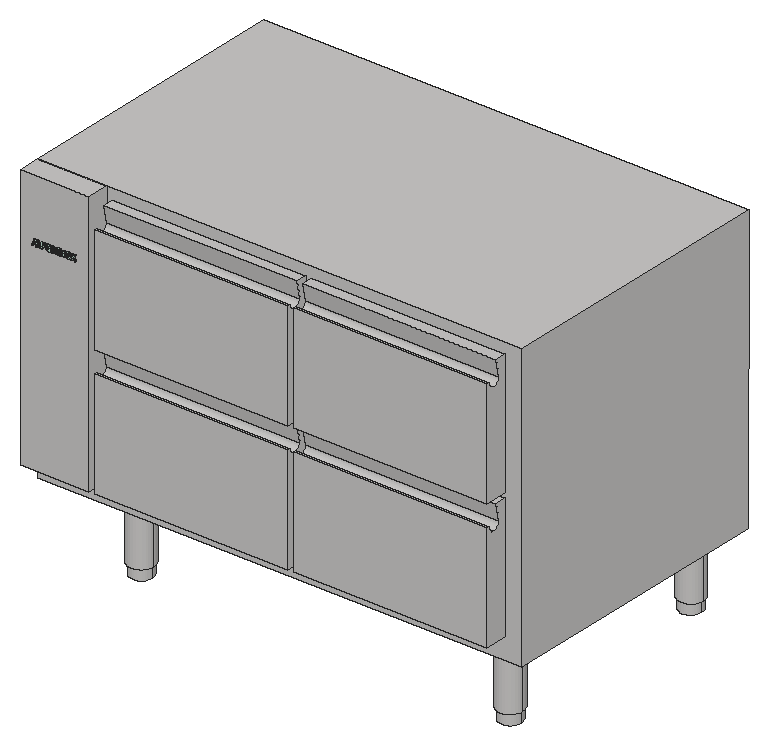
Revit family "QF_ALPENINOX_712621_AJ2R8BB", category Specialty Equipment, Revit 2018
Family settings
  Round Connector Dimension = Use Diameter
  Part Type = Normal
  Work Plane-Based = No
  Always vertical = Yes
  Cut with Voids When Loaded = No
  Shared = No
  Room Calculation Point = No
Parameters
  Weight = 0.00 kg
  Watts = 2.78709 W
  Volts = 220 V
  URL Manufacturer = "http://www.alpeninox.com"
  URL = "http://www.alpeninox.com"
  Steam Supply Size = 0 mm
  Steam Supply Minimum Pressure = 0.0 Pa
  Steam Supply Maximum Pressure = 0.0 Pa
  Steam Pounds per Hour = 0
  Refrigeration Suction Line Size = 0 mm
  Refrigeration Liquid Line Size = 0 mm
  Refrigerant Compressor Remote = yes
  Manufacturer = "Alpeninox"
  Phase = 1
  Model = "AJ2R8BB"
  Length Actual = 1103 mm  # constant formula
  Length = 1103 mm
  Item Number = "712621"
  Hot Water Size = 0 mm
  Height Actual = 800 mm  # constant formula
  Height = 650 mm
  HP = "0 HP"
  Gas Size = 0 mm
  Gas KW = 0
  Gas Input Pressure = 0 W
  Depth Actual = 700 mm  # constant formula
  Depth = 695 mm
  Description = "4x½ DRAWER REFRIGER. TABLE -2C REM NO TOP"
  Cycle = 60 Hz
  Condensate Return Size = 0 mm
  Compressed Air Volume = 0.0 L/s
  Compressed Air Size = 0 mm
  Compressed Air Pressure = 0.0 Pa
  Cold Water Size = 0 mm
  Accessory = yes
Reference planes
  plane 1: z = 0
  plane 2 "Center (Left/Right)": x = -124.5
  plane 3 "Center (Front/Back)": y = 64.5
  plane 4 "FEET": z = 150
  plane 5 "TOP": z = 850
  plane 6 "PLAIN": z = 800
  plane 7 "EI_back": y = 359
  plane 8 "EI_left": x = -610
  plane 9 "BACK": y = 412
  plane 10 "FRONT": y = -283
  plane 11 "DOOR": y = -233
  plane 12 "LEFT": x = -676
  plane 13 "RIGHT": x = 427
  plane 14: x = -651
  plane 15: x = 402
  plane 16 "RO_left": x = -636
  plane 17 "RI_left": x = -584
  plane 18 "RO_back": y = 375.5
  plane 19 "RI_back": y = 375.5
  plane 20 "DRAINleft": x = -610
  plane 21 "DRAINback": y = 164
Forms (mm)
  Extrusion 1, solid, material "QF_Finishes_Stainless Steel"
    sketch origin (-1022.223, -1524, 150) x (-1, 0, 0) y (0, -1, 0)
      loop
        circle (-412.223, -1883) r 5
    from 0 to -40
  Extrusion 2, solid, material "QF_Finishes_Stainless Steel"
    sketch origin (-1022.223, -1524, 150) x (-1, 0, 0) y (0, -1, 0)
      loop
        circle (-386.223, -1899.5) r 4.25
    from 0 to -20
  Extrusion 3, solid, material "QF_Finishes_Stainless Steel"
    sketch origin (-1022.223, -1524, 150) x (-1, 0, 0) y (0, -1, 0)
      loop
        circle (-438.223, -1899.5) r 4
    from 0 to -20
  Extrusion 4, solid, material "QF_Finishes_Stainless Steel"
    sketch origin (-1022.223, -1524, 150) x (-1, 0, 0) y (0, -1, 0)
      loop
        circle (-412.223, -1688) r 8.5
    from 0 to -40
  Extrusion 5, solid, material "QF_Finishes_Stainless Steel"
    sketch origin (-1022.223, -1524, 150) x (-1, 0, 0) y (0, -1, 0)
      loop
        line (-346.223, -1936) -> (-346.223, -1291) -> (-1449.223, -1291) -> (-1449.223, -1936) -> (-346.223, -1936)
    from 0 to 650 <- "Height"
Lines and regions (mm)
  symbolic lines, style "SpecialityEquipmentHiddenLines"
    curve 1: line (-676, 412, 150) -> (427, 412, 150)
    curve 2: line (-676, -283, 150) -> (-676, 412, 150)
    curve 3: line (427, -283, 150) -> (-676, -283, 150)
    curve 4: line (427, 412, 150) -> (427, -283, 150)
    curve 5: line (-676, -233, 150) -> (427, -233, 150)
    curve 6: line (402, -233, 150) -> (402, -283, 150)
Dimensions and locks
  plane 4 "FEET" to level = 150 mm
  plane 11 "DOOR" to plane 10 "FRONT" = 50 mm
  "Height": plane 6 "PLAIN" to plane 4 "FEET"
  plane 5 "TOP" to plane 6 "PLAIN" = 50 mm
  plane 12 "LEFT" to plane 14 = 25 mm
  plane 15 to plane 13 "RIGHT" = 25 mm
  plane 9 "BACK" to plane 18 "RO_back" = 36.5 mm
  plane 9 "BACK" to plane 7 "EI_back" = 53 mm
  plane 9 "BACK" to plane 19 "RI_back" = 36.5 mm
  plane 9 "BACK" to plane 21 "DRAINback" = 248 mm
  plane 12 "LEFT" to plane 20 "DRAINleft" = 66 mm
  plane 12 "LEFT" to plane 8 "EI_left" = 66 mm
  plane 12 "LEFT" to plane 17 "RI_left" = 92 mm
  plane 12 "LEFT" to plane 16 "RO_left" = 40 mm
  "Depth": plane 9 "BACK" to plane 10 "FRONT"
  equal spacing: plane 9 "BACK", plane 3 "Center (Front/Back)", plane 10 "FRONT"
  "Length": plane 12 "LEFT" to plane 13 "RIGHT"
  equal spacing: plane 12 "LEFT", plane 2 "Center (Left/Right)", plane 13 "RIGHT"
  aligned and locked: level to plane 1
Automatic sketch dimensions
  Extrusion 1 sketch curve to plane 7 "EI_back" = 0 mm
  Extrusion 1 sketch curve to plane 8 "EI_left" = 0 mm
  Extrusion 2 sketch curve to plane 16 "RO_left" = 0 mm
  Extrusion 2 sketch curve to plane 18 "RO_back" = 0 mm
  Extrusion 3 sketch curve to plane 17 "RI_left" = 0 mm
  Extrusion 3 sketch curve to plane 19 "RI_back" = 0 mm
  Extrusion 4 sketch curve to plane 20 "DRAINleft" = 0 mm
  Extrusion 4 sketch curve to plane 21 "DRAINback" = 0 mm
  Extrusion 5 sketch curve to plane 9 "BACK" = 0 mm
  Extrusion 5 sketch curve to plane 13 "RIGHT" = 0 mm
  Extrusion 5 sketch curve to plane 11 "DOOR" = 0 mm
  Extrusion 5 sketch curve to plane 12 "LEFT" = 0 mm
  curve 1 to plane 13 "RIGHT" = 0 mm
  curve 6 to plane 15 = 0 mm
  curve 5 to plane 11 "DOOR" = 0 mm
  curve 5 to plane 12 "LEFT" = 0 mm
  curve 6 to plane 10 "FRONT" = 0 mm
  curve 1 to plane 9 "BACK" = 0 mm
  radius of Extrusion 1 sketch curve = 5 mm
  radius of Extrusion 2 sketch curve = 4.25 mm
  radius of Extrusion 3 sketch curve = 4 mm
  radius of Extrusion 4 sketch curve = 8.5 mm
Nested families
  nested 1: "Refrigerator" at (427, -283, 0), type "Refrigerator"
  nested 2: "FEET" at (-480, 331, 0), type "FEET"
  nested 3: "FEET" at (361, 331, 0), type "FEET"
  nested 4: "FEET" at (-480, -183, 0), type "FEET"
  nested 5: "FEET" at (361, -183, 0), type "FEET"
  nested 6: "APX_REM_TN_L_650" at (-519.08, -233, 548) x (1, 0, 0) z (0, -1, 0), type "APX_REM_TN_L_650"
    with Show Logo yes
  nested 7: "APX_HALF_650" at (-286, -233, 458.08) x (1, 0, 0) z (0, -1, 0), type "APX_HALF_650"
    with Show Clearance yes
  nested 8: "APX_HALF_650" at (168, -233, 458.08) x (1, 0, 0) z (0, -1, 0), type "APX_HALF_650"
    with Show Clearance yes
Connectors
  electrical at (-610, 359, 110), driven by "Volts"
    settings: on Extrusion 1, index 1, voltage 220 V, apparent load 0 VA, apparent load phase1 0 VA, apparent load phase2 0 VA, apparent load phase3 0 VA, power factor 1, load classification "Other", number of poles 1, system type 31, power factor state 1, is connector primary yes, connector utility no, sub classification motor no, connector description "Electrical Connection"
  piping at (-636, 375.5, 130), diameter 9.5
    settings: on Extrusion 2, index 3, connector inside diameter 609.6 mm, connector length 0 mm, flow factor 0, pipe flow 0.0 L/s, pressure drop 0.0 Pa, fitting loss kfactor 0, connector angle 0.00°, fixture units 0, engagement length 0 mm, angle of deflection 0.00°, flow configuration 1, flow direction 2, fitting loss method 0, system type 8, joint type 0, gender type 0, connector reference index -1, connector utility 0, adjustable connector no, is connector primary yes, connector description "Refrigerant Outlet"
  piping at (-584, 375.5, 130), diameter 8
    settings: on Extrusion 3, index 4, connector inside diameter 609.6 mm, connector length 0 mm, flow factor 0, pipe flow 0.0 L/s, pressure drop 0.0 Pa, fitting loss kfactor 0, connector angle 0.00°, fixture units 0, engagement length 0 mm, angle of deflection 0.00°, flow configuration 1, flow direction 1, fitting loss method 0, system type 7, joint type 0, gender type 0, connector reference index -1, connector utility 0, adjustable connector no, is connector primary no, connector description "Refrigerant Inlet"
  piping at (-610, 164, 110), diameter 17
    settings: on Extrusion 4, index 5, connector inside diameter 609.6 mm, connector length 0 mm, flow factor 0, pipe flow 0.0 L/s, pressure drop 0.0 Pa, fitting loss kfactor 0, connector angle 0.00°, fixture units 0, engagement length 0 mm, angle of deflection 0.00°, flow configuration 1, flow direction 2, fitting loss method 0, system type 16, joint type 0, gender type 0, connector reference index -1, connector utility 0, adjustable connector no, is connector primary no, connector description "Drain"
Definition of nested family "FEET"
  Parameters
    FEET = 150 mm
  Reference planes
    plane 1 "Center (Front/Back)": y = 0
    plane 2: z = 0
    plane 3 "Center (Left/Right)": x = 0
    plane 4: z = 150
  Forms (mm)
    Revolve 1, solid
      sketch origin (255.05, 0, 608.09) x (0, 0, 1) y (-1, 0, 0)
        loop
          line (-608.09, 255.05) -> (-608.09, 230.05) -> (-583.09, 230.05) -> (-583.09, 226.05) -> (-458.09, 226.05) -> (-458.09, 255.05) -> (-608.09, 255.05)
        axis (-608.09, 255.05) -> (-458.09, 255.05)
      angle from 0 to 360
  Dimensions and locks
    locked: Revolve 1 sketch curve to Revolve 1 sketch curve at 125
    "FEET": plane 4 to plane 2
    aligned and locked: level to plane 2
    aligned and locked: plane 4 to Revolve 1 sketch curve
    aligned and locked: Revolve 1 sketch curve to level
    aligned and locked: plane 3 "Center (Left/Right)" to Revolve 1 sketch curve
  Automatic sketch dimensions
    Revolve 1 sketch curve to plane 3 "Center (Left/Right)" = 0 mm
    Revolve 1 sketch curve to Revolve 1 sketch curve = 25 mm
    Revolve 1 sketch curve to Revolve 1 sketch curve = 29 mm
    plane 4 to Revolve 1 sketch curve = 50 mm
    Revolve 1 sketch curve to Revolve 1 sketch curve = 20 mm
Definition of nested family "APX_REM_TN_L_650"
  Parameters
    Show Logo [instance] = yes
    Default Elevation = 1219.2 mm
  Reference planes
    plane 1 "Centro (Fronte/Retro)": y = -49
    plane 2: z = 0
    plane 3 "Centro (Sinistra/Destra)": x = -78.92
  Forms (mm)
    Extrusion 1, solid
      sketch origin (0, 0, 0) x (1, 0, 0) y (0, 1, 0)
        loop
          line (-1219.2, 1219.2) -> (-1219.2, -1219.2) -> (1219.2, -1219.2) -> (1219.2, 1219.2) -> (-1219.2, 1219.2)
      from 0 to -304.8
    Extrusion 2, solid
      sketch origin (0, 0, 0) x (1, 0, 0) y (0, 1, 0)
        loop
          line (-156.92, 252) -> (-156.92, -350) -> (-0.92, -350) -> (-0.92, 252) -> (-156.92, 252)
      from 0 to 50
    Extrusion 3, solid
      sketch origin (43.141, -49.023, 0) x (1, 0, 0) y (0, 1, 0)
        loop
          line (-168.675, 170.349) -> (-172.411, 160.318)
          arc (-172.411, 160.318) -> (-171.624, 158.497) -> (-169.837, 159.36) r 1.374
          line (-169.837, 159.36) -> (-169.268, 161.111) -> (-164.1, 161.111) -> (-163.54, 159.379)
          arc (-163.54, 159.379) -> (-161.802, 158.542) -> (-161.049, 160.318) r 1.333
          line (-161.049, 160.318) -> (-164.694, 170.349)
          arc (-164.694, 170.349) -> (-166.685, 171.876) -> (-168.675, 170.349) r 2.06
        loop
          line (-166.681, 169.055) -> (-168.469, 163.655) -> (-164.935, 163.655) -> (-166.681, 169.055)
        loop
          arc (-159.705, 160.042) -> (-159.262, 158.973) -> (-158.194, 158.531) r 1.512
          line (-158.194, 158.531) -> (-153.608, 158.531)
          arc (-153.608, 158.531) -> (-152.337, 159.802) -> (-153.608, 161.074) r 1.272
          line (-153.608, 161.074) -> (-156.917, 161.074) -> (-156.917, 170.328)
          arc (-156.917, 170.328) -> (-158.311, 171.722) -> (-159.705, 170.328) r 1.394
          line (-159.705, 170.328) -> (-159.705, 160.042)
        loop
          line (-151.076, 170.218) -> (-151.076, 159.859)
          arc (-151.076, 159.859) -> (-149.683, 158.466) -> (-148.29, 159.859) r 1.393
          line (-148.29, 159.859) -> (-148.29, 162.882) -> (-146.225, 162.882)
          arc (-146.225, 162.882) -> (-142.999, 163.859) -> (-141.608, 166.928) r 4.082
          arc (-141.608, 166.928) -> (-142.993, 170.272) -> (-146.336, 171.657) r 4.728
          line (-146.336, 171.657) -> (-149.638, 171.657)
          arc (-149.638, 171.657) -> (-150.655, 171.235) -> (-151.076, 170.218) r 1.439
        loop
          line (-148.29, 165.313) -> (-146.388, 165.313)
          arc (-146.388, 165.313) -> (-144.433, 167.268) -> (-146.388, 169.222) r 1.955
          line (-146.388, 169.222) -> (-148.29, 169.222) -> (-148.29, 165.313)
        loop
          arc (-131.184, 166.332) -> (-132.004, 168.2) -> (-133.767, 169.228) r 3.3
          arc (-133.767, 169.228) -> (-136.353, 168.661) -> (-137.611, 166.332) r 3.176
          line (-137.611, 166.332) -> (-131.184, 166.332)
        loop
          line (-137.538, 163.743) -> (-130.544, 163.743)
          arc (-130.544, 163.743) -> (-129.292, 163.916) -> (-128.301, 164.701) r 2.4
          arc (-128.301, 164.701) -> (-128.155, 165.545) -> (-128.212, 166.399) r 3.635
          arc (-128.212, 166.399) -> (-130.364, 170.162) -> (-134.39, 171.769) r 6.579
          arc (-134.39, 171.769) -> (-138.918, 169.706) -> (-140.661, 165.044) r 6.501
          arc (-140.661, 165.044) -> (-139.276, 160.789) -> (-135.401, 158.549) r 6.252
          arc (-135.401, 158.549) -> (-132.922, 158.526) -> (-130.544, 159.232) r 8.361
          arc (-130.544, 159.232) -> (-129.466, 159.781) -> (-128.641, 160.666) r 3.486
          arc (-128.641, 160.666) -> (-128.419, 161.592) -> (-128.828, 162.451) r 1.425
          arc (-128.828, 162.451) -> (-129.368, 162.762) -> (-129.99, 162.762) r 1.203
          arc (-129.99, 162.762) -> (-130.406, 162.59) -> (-130.764, 162.316) r 1.724
          arc (-130.764, 162.316) -> (-131.666, 161.705) -> (-132.646, 161.229) r 7.6
          arc (-132.646, 161.229) -> (-135.676, 161.35) -> (-137.538, 163.743) r 3.6
        loop
          line (-126.669, 170.328) -> (-126.669, 159.859)
          arc (-126.669, 159.859) -> (-125.273, 158.463) -> (-123.878, 159.859) r 1.396
          line (-123.878, 159.859) -> (-123.878, 166.785) -> (-117.946, 159.029)
          arc (-117.946, 159.029) -> (-116.361, 158.51) -> (-115.379, 159.859) r 1.417
          line (-115.379, 159.859) -> (-115.379, 170.328)
          arc (-115.379, 170.328) -> (-116.774, 171.723) -> (-118.169, 170.328) r 1.395
          line (-118.169, 170.328) -> (-118.169, 163.311) -> (-124.101, 171.157)
          arc (-124.101, 171.157) -> (-125.687, 171.678) -> (-126.669, 170.328) r 1.418
        loop
          arc (-113.636, 159.859) -> (-112.241, 158.464) -> (-110.847, 159.859) r 1.394
          line (-110.847, 159.859) -> (-110.847, 170.328)
          arc (-110.847, 170.328) -> (-112.241, 171.723) -> (-113.636, 170.328) r 1.394
          line (-113.636, 170.328) -> (-113.636, 159.859)
        loop
          line (-109.102, 170.328) -> (-109.102, 159.859)
          arc (-109.102, 159.859) -> (-107.706, 158.463) -> (-106.31, 159.859) r 1.396
          line (-106.31, 159.859) -> (-106.31, 166.785) -> (-100.378, 159.029)
          arc (-100.378, 159.029) -> (-98.793, 158.51) -> (-97.812, 159.859) r 1.417
          line (-97.812, 159.859) -> (-97.812, 170.328)
          arc (-97.812, 170.328) -> (-99.207, 171.723) -> (-100.602, 170.328) r 1.395
          line (-100.602, 170.328) -> (-100.602, 163.311) -> (-106.533, 171.157)
          arc (-106.533, 171.157) -> (-108.119, 171.678) -> (-109.102, 170.328) r 1.418
        loop
          arc (-96.345, 165.093) -> (-95.619, 161.877) -> (-93.467, 159.379) r 6.806
          arc (-93.467, 159.379) -> (-91.792, 158.566) -> (-89.948, 158.31) r 5.956
          arc (-89.948, 158.31) -> (-88.104, 158.566) -> (-86.43, 159.379) r 5.956
          arc (-86.43, 159.379) -> (-84.277, 161.877) -> (-83.551, 165.093) r 6.806
          arc (-83.551, 165.093) -> (-84.277, 168.31) -> (-86.43, 170.808) r 6.806
          arc (-86.43, 170.808) -> (-88.104, 171.621) -> (-89.948, 171.877) r 5.956
          arc (-89.948, 171.877) -> (-91.792, 171.621) -> (-93.467, 170.808) r 5.956
          arc (-93.467, 170.808) -> (-95.619, 168.31) -> (-96.345, 165.093) r 6.806
        loop
          arc (-93.425, 165.093) -> (-93.138, 163.212) -> (-92.081, 161.629) r 4.387
          arc (-92.081, 161.629) -> (-91.087, 161.049) -> (-89.948, 160.881) r 3.035
          arc (-89.948, 160.881) -> (-88.809, 161.049) -> (-87.815, 161.629) r 3.035
          arc (-87.815, 161.629) -> (-86.759, 163.212) -> (-86.472, 165.093) r 4.387
          arc (-86.472, 165.093) -> (-86.759, 166.975) -> (-87.815, 168.558) r 4.387
          arc (-87.815, 168.558) -> (-88.809, 169.138) -> (-89.948, 169.306) r 3.035
          arc (-89.948, 169.306) -> (-91.087, 169.138) -> (-92.081, 168.558) r 3.035
          arc (-92.081, 168.558) -> (-93.138, 166.975) -> (-93.425, 165.093) r 4.387
        loop
          line (-82.843, 169.609) -> (-79.829, 165.552) -> (-83.513, 160.652)
          arc (-83.513, 160.652) -> (-83.216, 158.692) -> (-81.262, 159.029) r 1.388
          line (-81.262, 159.029) -> (-78.213, 163.232) -> (-75.164, 159.029)
          arc (-75.164, 159.029) -> (-73.211, 158.692) -> (-72.913, 160.652) r 1.388
          line (-72.913, 160.652) -> (-76.597, 165.552) -> (-73.584, 169.609)
          arc (-73.584, 169.609) -> (-73.952, 171.597) -> (-75.908, 171.084) r 1.38
          line (-75.908, 171.084) -> (-78.213, 167.841) -> (-80.519, 171.084)
          arc (-80.519, 171.084) -> (-82.474, 171.597) -> (-82.843, 169.609) r 1.38
      from 50 to 51.6
  Lines and regions (mm)
    Split face 1
      outline origin (0, 0, 50) x (1, 0, 0) y (0, 1, 0)
        loop
          line (-0.92, 188) -> (-156.92, 188)
    Split face 2
      outline origin (0, 0, 50) x (1, 0, 0) y (0, 1, 0)
        loop
          line (-156.92, 178) -> (-0.92, 178)
    Split face 3
      outline origin (0, 0, 50) x (1, 0, 0) y (0, 1, 0)
        loop
          line (-0.92, 104) -> (-156.92, 104)
    Split face 4
      outline origin (0, 0, 50) x (1, 0, 0) y (0, 1, 0)
        loop
          line (-0.92, 94) -> (-156.92, 94)
    Split face 5
      outline origin (0, 0, 50) x (1, 0, 0) y (0, 1, 0)
        loop
          line (-108.92, 163.931) -> (-108.92, 134.412) -> (-48.92, 134.412) -> (-48.92, 163.931) -> (-108.92, 163.931)
    Split face 6
      outline origin (0, 0, 50) x (1, 0, 0) y (0, 1, 0)
        loop
          line (-68.92, 160.931) -> (-68.92, 137.412) -> (-51.92, 137.412) -> (-51.92, 160.931) -> (-68.92, 160.931)
    symbolic lines
      curve 1: line (-2, -49, 50) -> (-2, -49, 0)
  Dimensions and locks
    equal spacing: Extrusion 2, plane 3 "Centro (Sinistra/Destra)", Extrusion 2
    equal spacing: Extrusion 2, plane 1 "Centro (Fronte/Retro)", Extrusion 2
    Extrusion 2 to Extrusion 2 = 156 mm
    aligned and locked: plane 2 to Extrusion 1
    aligned and locked: level to Extrusion 1
  Automatic sketch dimensions
    curve 1 to level = 0 mm
    plane 3 "Centro (Sinistra/Destra)" to curve 1 = 76.92 mm
    curve 1 to curve 1 = 50 mm
    Extrusion 1 sketch curve to Extrusion 1 sketch curve = 2438.4 mm  (x2)
    Extrusion 2 sketch curve to plane 3 "Centro (Sinistra/Destra)" = 78 mm
    plane 3 "Centro (Sinistra/Destra)" to Extrusion 2 sketch curve = 78 mm
    plane 1 "Centro (Fronte/Retro)" to Extrusion 2 sketch curve = 301 mm
    Extrusion 2 sketch curve to plane 1 "Centro (Fronte/Retro)" = 301 mm
    Extrusion 3 sketch curve to plane 3 "Centro (Sinistra/Destra)" = 50.35 mm
    Extrusion 3 sketch curve to Extrusion 3 sketch curve = 1.266 mm
    Extrusion 3 sketch curve to Extrusion 3 sketch curve = 1.307 mm
    Extrusion 3 sketch curve to Extrusion 3 sketch curve = 0.57 mm
    Extrusion 3 sketch curve to Extrusion 3 sketch curve = 0.593 mm
    Extrusion 3 sketch curve to Extrusion 3 sketch curve = 0.799 mm
    Extrusion 3 sketch curve to Extrusion 3 sketch curve = 1.99 mm  (x2)
    Extrusion 3 sketch curve to Extrusion 3 sketch curve = 0.003 mm
    Extrusion 3 sketch curve to Extrusion 3 sketch curve = 3.534 mm
    Extrusion 3 sketch curve to Extrusion 3 sketch curve = 0.835 mm
    Extrusion 3 sketch curve to Extrusion 3 sketch curve = 0.56 mm
    Extrusion 3 sketch curve to Extrusion 3 sketch curve = 1.268 mm
    Extrusion 3 sketch curve to Extrusion 3 sketch curve = 1.223 mm
    Extrusion 3 sketch curve to Extrusion 3 sketch curve = 1.344 mm
    Extrusion 3 sketch curve to Extrusion 3 sketch curve = 1.394 mm  (x2)
    Extrusion 3 sketch curve to Extrusion 3 sketch curve = 1.512 mm
    Extrusion 3 sketch curve to Extrusion 3 sketch curve = 3.309 mm
    Extrusion 3 sketch curve to Extrusion 3 sketch curve = 5.841 mm
    Extrusion 3 sketch curve to Extrusion 3 sketch curve = 1.393 mm
    Extrusion 3 sketch curve to Extrusion 3 sketch curve = 1.439 mm
    Extrusion 3 sketch curve to Extrusion 3 sketch curve = 0 mm  (x19)
    Extrusion 3 sketch curve to Extrusion 3 sketch curve = 1.902 mm
    Extrusion 3 sketch curve to Extrusion 3 sketch curve = 0.052 mm
    Extrusion 3 sketch curve to Extrusion 3 sketch curve = 2.065 mm
    Extrusion 3 sketch curve to Extrusion 3 sketch curve = 0.647 mm
    Extrusion 3 sketch curve to Extrusion 3 sketch curve = 8.079 mm
    Extrusion 3 sketch curve to Extrusion 3 sketch curve = 0.073 mm
    Extrusion 3 sketch curve to Extrusion 3 sketch curve = 2.145 mm
    Extrusion 3 sketch curve to Extrusion 3 sketch curve = 2.931 mm
    Extrusion 3 sketch curve to Extrusion 3 sketch curve = 0.213 mm
    Extrusion 3 sketch curve to Extrusion 3 sketch curve = 0.026 mm
    Extrusion 3 sketch curve to Extrusion 3 sketch curve = 0.263 mm
    Extrusion 3 sketch curve to Extrusion 3 sketch curve = 0.516 mm
    Extrusion 3 sketch curve to Extrusion 3 sketch curve = 0.356 mm
    Extrusion 3 sketch curve to Extrusion 3 sketch curve = 0.387 mm
    Extrusion 3 sketch curve to Extrusion 3 sketch curve = 2.378 mm
    Extrusion 3 sketch curve to Extrusion 3 sketch curve = 2.466 mm
    Extrusion 3 sketch curve to Extrusion 3 sketch curve = 0.602 mm
    Extrusion 3 sketch curve to Extrusion 3 sketch curve = 1.02 mm
    Extrusion 3 sketch curve to Extrusion 3 sketch curve = 0.949 mm
    Extrusion 3 sketch curve to Extrusion 3 sketch curve = 1.728 mm
    Extrusion 3 sketch curve to Extrusion 3 sketch curve = 0.157 mm  (x2)
    Extrusion 3 sketch curve to Extrusion 3 sketch curve = 0.292 mm
    Extrusion 3 sketch curve to plane 3 "Centro (Sinistra/Destra)" = 4.608 mm
    Extrusion 3 sketch curve to Extrusion 3 sketch curve = 1.396 mm  (x2)
    Extrusion 3 sketch curve to Extrusion 3 sketch curve = 1.418 mm  (x2)
    Extrusion 3 sketch curve to Extrusion 3 sketch curve = 1.151 mm  (x2)
    plane 3 "Centro (Sinistra/Destra)" to Extrusion 3 sketch curve = 3.891 mm
    plane 3 "Centro (Sinistra/Destra)" to Extrusion 3 sketch curve = 4.115 mm
    Extrusion 3 sketch curve to Extrusion 3 sketch curve = 1.149 mm  (x2)
    Extrusion 3 sketch curve to Extrusion 3 sketch curve = 1.395 mm  (x2)
    Extrusion 3 sketch curve to Extrusion 3 sketch curve = 1.744 mm
    Extrusion 3 sketch curve to Extrusion 3 sketch curve = 1.745 mm
    Extrusion 3 sketch curve to Extrusion 3 sketch curve = 5.709 mm
    Extrusion 3 sketch curve to Extrusion 3 sketch curve = 0.224 mm
    Extrusion 3 sketch curve to Extrusion 3 sketch curve = 6.963 mm
    Extrusion 3 sketch curve to Extrusion 3 sketch curve = 0.493 mm  (x3)
    Extrusion 3 sketch curve to Extrusion 3 sketch curve = 0.273 mm  (x2)
    Extrusion 3 sketch curve to Extrusion 3 sketch curve = 0.021 mm  (x2)
    Extrusion 3 sketch curve to Extrusion 3 sketch curve = 0.226 mm  (x2)
    Extrusion 3 sketch curve to Extrusion 3 sketch curve = 0.268 mm  (x2)
    Extrusion 3 sketch curve to Extrusion 3 sketch curve = 0.294 mm
    Extrusion 3 sketch curve to Extrusion 3 sketch curve = 5.534 mm
    Extrusion 3 sketch curve to Extrusion 3 sketch curve = 6.205 mm
    Extrusion 3 sketch curve to Extrusion 3 sketch curve = 1.109 mm  (x2)
    Extrusion 3 sketch curve to Extrusion 3 sketch curve = 1.108 mm  (x2)
    Extrusion 3 sketch curve to Extrusion 3 sketch curve = 1.142 mm  (x2)
    Extrusion 3 sketch curve to Extrusion 3 sketch curve = 1.216 mm  (x2)
    Extrusion 3 sketch curve to Extrusion 3 sketch curve = 3.013 mm
    Extrusion 3 sketch curve to Extrusion 3 sketch curve = 1.616 mm  (x3)
    Extrusion 3 sketch curve to Extrusion 3 sketch curve = 2.305 mm
    Extrusion 3 sketch curve to Extrusion 3 sketch curve = 3.049 mm
    Extrusion 3 sketch curve to plane 1 "Centro (Fronte/Retro)" = 158.508 mm
    Extrusion 3 sketch curve to Extrusion 3 sketch curve = 0.498 mm
    Extrusion 3 sketch curve to Extrusion 3 sketch curve = 0.682 mm
    Extrusion 3 sketch curve to Extrusion 3 sketch curve = 0.664 mm
    Extrusion 3 sketch curve to Extrusion 3 sketch curve = 0.425 mm
    Extrusion 3 sketch curve to Extrusion 3 sketch curve = 0.41 mm
    Extrusion 3 sketch curve to Extrusion 3 sketch curve = 1.272 mm
    Extrusion 3 sketch curve to Extrusion 3 sketch curve = 0.789 mm  (x2)
    Extrusion 3 sketch curve to Extrusion 3 sketch curve = 0.056 mm
    Extrusion 3 sketch curve to Extrusion 3 sketch curve = 0.83 mm
    Extrusion 3 sketch curve to Extrusion 3 sketch curve = 1.238 mm
    Extrusion 3 sketch curve to Extrusion 3 sketch curve = 1.732 mm
    Extrusion 3 sketch curve to Extrusion 3 sketch curve = 0.346 mm
    Extrusion 3 sketch curve to Extrusion 3 sketch curve = 1.123 mm
    Extrusion 3 sketch curve to Extrusion 3 sketch curve = 3.023 mm
    Extrusion 3 sketch curve to Extrusion 3 sketch curve = 4.203 mm
    Extrusion 3 sketch curve to Extrusion 3 sketch curve = 3.452 mm  (x2)
    Extrusion 3 sketch curve to Extrusion 3 sketch curve = 2.544 mm
    Extrusion 3 sketch curve to Extrusion 3 sketch curve = 1.177 mm
    Extrusion 3 sketch curve to Extrusion 3 sketch curve = 3.261 mm
    Extrusion 3 sketch curve to Extrusion 3 sketch curve = 0.352 mm  (x2)
    Extrusion 3 sketch curve to Extrusion 3 sketch curve = 1.987 mm
    Extrusion 3 sketch curve to Extrusion 3 sketch curve = 0.171 mm
    Extrusion 3 sketch curve to Extrusion 3 sketch curve = 0.533 mm  (x3)
    Extrusion 3 sketch curve to Extrusion 3 sketch curve = 0.14 mm  (x4)
    Extrusion 3 sketch curve to Extrusion 3 sketch curve = 0.473 mm
    Extrusion 3 sketch curve to Extrusion 3 sketch curve = 0.31 mm  (x2)
    Extrusion 3 sketch curve to Extrusion 3 sketch curve = 0.075 mm
    Extrusion 3 sketch curve to Extrusion 3 sketch curve = 2.431 mm
    Extrusion 3 sketch curve to Extrusion 3 sketch curve = 2.32 mm  (x2)
    Extrusion 3 sketch curve to Extrusion 3 sketch curve = 1.992 mm
    Extrusion 3 sketch curve to Extrusion 3 sketch curve = 0.674 mm
    Extrusion 3 sketch curve to Extrusion 3 sketch curve = 0.732 mm
    Extrusion 3 sketch curve to Extrusion 3 sketch curve = 0.388 mm
    Extrusion 3 sketch curve to Extrusion 3 sketch curve = 0.121 mm
    Extrusion 3 sketch curve to Extrusion 3 sketch curve = 2.589 mm
    Extrusion 3 sketch curve to Extrusion 3 sketch curve = 0.662 mm
    Extrusion 3 sketch curve to Extrusion 3 sketch curve = 3.473 mm
    Extrusion 3 sketch curve to Extrusion 3 sketch curve = 0.681 mm
    Extrusion 3 sketch curve to Extrusion 3 sketch curve = 1.615 mm
    Extrusion 3 sketch curve to Extrusion 3 sketch curve = 0.34 mm
    Extrusion 3 sketch curve to Extrusion 3 sketch curve = 2.288 mm
    Extrusion 3 sketch curve to Extrusion 3 sketch curve = 0.942 mm
    Extrusion 3 sketch curve to Extrusion 3 sketch curve = 5.4 mm
    Extrusion 3 sketch curve to Extrusion 3 sketch curve = 1.768 mm  (x2)
    Extrusion 3 sketch curve to Extrusion 3 sketch curve = 0.761 mm
    Extrusion 3 sketch curve to Extrusion 3 sketch curve = 0.996 mm
    Extrusion 3 sketch curve to Extrusion 3 sketch curve = 3.543 mm  (x2)
    Extrusion 3 sketch curve to Extrusion 3 sketch curve = 7.017 mm
    Extrusion 3 sketch curve to Extrusion 3 sketch curve = 0.11 mm
    Extrusion 3 sketch curve to Extrusion 3 sketch curve = 0.823 mm  (x2)
    Extrusion 3 sketch curve to Extrusion 3 sketch curve = 0.947 mm
    Extrusion 3 sketch curve to Extrusion 3 sketch curve = 3.837 mm
    Extrusion 3 sketch curve to Extrusion 3 sketch curve = 0.623 mm
    Extrusion 3 sketch curve to Extrusion 3 sketch curve = 1.082 mm
    Extrusion 3 sketch curve to Extrusion 3 sketch curve = 0.801 mm
    Extrusion 3 sketch curve to Extrusion 3 sketch curve = 1 mm
    Extrusion 3 sketch curve to Extrusion 3 sketch curve = 0.089 mm
    Extrusion 3 sketch curve to Extrusion 3 sketch curve = 4.257 mm
    Extrusion 3 sketch curve to Extrusion 3 sketch curve = 4.345 mm  (x2)
    Extrusion 3 sketch curve to Extrusion 3 sketch curve = 2.576 mm
    Extrusion 3 sketch curve to Extrusion 3 sketch curve = 1.385 mm  (x4)
    Extrusion 3 sketch curve to Extrusion 3 sketch curve = 2.133 mm  (x4)
    Extrusion 3 sketch curve to Extrusion 3 sketch curve = 3.518 mm
    Extrusion 3 sketch curve to Extrusion 3 sketch curve = 5.603 mm
    Extrusion 3 sketch curve to Extrusion 3 sketch curve = 2.571 mm
    Split face 1 sketch curve to Extrusion 2 = 0 mm  (x2)
    Split face 1 sketch curve to Extrusion 2 = 64 mm
    Split face 2 sketch curve to Extrusion 2 = 0 mm
    Split face 2 sketch curve to Extrusion 2 = 74 mm
    Extrusion 2 to Split face 2 sketch curve = 0 mm
    Split face 3 sketch curve to Extrusion 2 = 0 mm  (x2)
    Split face 3 sketch curve to Extrusion 2 = 148 mm
    Split face 4 sketch curve to Extrusion 2 = 0 mm  (x2)
    Split face 4 sketch curve to Extrusion 2 = 158 mm
    Split face 5 sketch curve to Extrusion 2 = 48 mm  (x2)
    Split face 5 sketch curve to Extrusion 2 = 117.588 mm
    Split face 5 sketch curve to Split face 5 sketch curve = 29.518 mm
    Split face 6 sketch curve to Extrusion 2 = 68 mm
    Split face 6 sketch curve to Split face 6 sketch curve = 17 mm
    Split face 6 sketch curve to Extrusion 2 = 114.588 mm
    Split face 6 sketch curve to Split face 6 sketch curve = 23.518 mm
Definition of nested family "APX_HALF_650"
  Parameters
    Show Clearance [instance] = yes
    Default Elevation = 1219.2 mm
  Reference planes
    plane 1 "Center (Front/Back)": y = 28.92
    plane 2: z = 0
    plane 3 "Center (Left/Right)": x = 0
    plane 4: x = -234
    plane 5: x = 234
    plane 6: z = 618
  Forms (mm)
    Extrusion 1, solid
      sketch origin (0, 0, 0) x (1, 0, 0) y (0, 1, 0)
        loop
          line (-1219.2, 1219.2) -> (-1219.2, -1219.2) -> (1219.2, -1219.2) -> (1219.2, 1219.2) -> (-1219.2, 1219.2)
      from 0 to -304.8
    Extrusion 2, solid
      sketch origin (0, 0, 0) x (0, 1, 0) y (0, 0, 1)
        loop
          line (317.92, 0) -> (317.92, 26) -> (278.314, 17)
          arc (278.314, 17) -> (264.314, 31) -> (278.314, 45) r 14
          line (278.314, 45) -> (278.314, 50) -> (33.92, 50) -> (33.92, 0) -> (317.92, 0)
        loop
          line (23.92, 0) -> (23.92, 26) -> (-15.686, 17)
          arc (-15.686, 17) -> (-29.686, 31) -> (-15.686, 45) r 14
          line (-15.686, 45) -> (-15.686, 50) -> (-260.08, 50) -> (-260.08, 0) -> (23.92, 0)
      from -220 to 220
    Extrusion 3, solid, visible <- "Show Clearance", detail levels coarse
      sketch origin (0, 0, 512) x (0, 1, 0) y (0, 0, 1)
        loop
          line (-260.08, 106) -> (-260.08, -462) -> (23.92, -462) -> (23.92, 82) -> (-15.686, 73)
          arc (-15.686, 73) -> (-29.686, 87) -> (-15.686, 101) r 14
          line (-15.686, 101) -> (-15.686, 106) -> (-260.08, 106)
        loop
          line (317.92, -462) -> (317.92, 82) -> (278.314, 73)
          arc (278.314, 73) -> (264.314, 87) -> (278.314, 101) r 14
          line (278.314, 101) -> (278.314, 106) -> (33.92, 106) -> (33.92, -462) -> (317.92, -462)
      from -220 to 220
  Lines and regions (mm)
    symbolic lines
      curve 1: line (220, 0, 140) -> (-220, 0, 140)
      curve 2: line (220, 0, 175) -> (-220, 0, 175)
      curve 3: line (220, 0, 260) -> (-220, 0, 260)
      curve 4: line (220, 0, 295) -> (-220, 0, 295)
      curve 5: line (191.424, 0, 140) -> (191.424, 0, 55)
      curve 6: line (-190, 0, 140) -> (-190, 0, 55)
      curve 7: line (191.424, 0, 260) -> (191.424, 0, 175)
      curve 8: line (-190, 0, 260) -> (-190, 0, 175)
      curve 9: line (220, 0, 260) -> (220, 0, 295)
      curve 10: line (-220, 0, 260) -> (-220, 0, 295)
      curve 11: line (220, 0, 140) -> (220, 0, 175)
      curve 12: line (-220, 0, 140) -> (-220, 0, 175)
  Dimensions and locks
    plane 4 to plane 3 "Center (Left/Right)" to plane 5 = 234 mm locked, 234 mm locked
    plane 6 to level = 618 mm
    aligned and locked: plane 2 to Extrusion 1
    aligned and locked: level to Extrusion 1
Definition of nested family "Refrigerator"
  Reference planes
    plane 1 "Center (Front/Back)": y = 0
    plane 2: z = 0
    plane 3 "Center (Left/Right)": x = 0
  Lines and regions (mm)
    detail lines, in view "Ref. Level"
      curve 1: spline (-500, 190, 0) -> (-493.185, 166.706, 0) -> (-473.205, 145, 0) -> (-441.421, 126.36, 0) -> (-400, 112.058, 0) -> (-351.764, 103.067, 0) -> (-300, 100, 0) -> (-248.236, 103.067, 0) -> (-200, 112.058, 0) -> (-158.579, 126.36, 0) -> (-126.795, 145, 0) -> (-106.815, 166.706, 0) -> (-100, 190, 0) -> (-106.815, 213.294, 0) -> (-126.795, 235, 0) -> (-158.579, 253.64, 0) -> (-200, 267.942, 0) -> (-248.236, 276.933, 0) -> (-300, 280, 0) -> (-351.764, 276.933, 0) -> (-400, 267.942, 0) -> (-441.421, 253.64, 0) -> (-473.205, 235, 0) -> (-493.185, 213.294, 0) -> (-500, 190, 0)
      curve 2: line (-300, 130, 0) -> (-300, 250, 0)
      curve 3: line (-351.962, 220, 0) -> (-248.038, 160, 0)
      curve 4: line (-351.962, 160, 0) -> (-248.038, 220, 0)
      curve 5: line (-280.884, 246.873, 0) -> (-300, 225, 0)
      curve 6: line (-300, 225, 0) -> (-319.116, 246.873, 0)
      curve 7: line (-330.311, 207.5, 0) -> (-339.696, 234.992, 0)
      curve 8: line (-358.812, 201.882, 0) -> (-330.311, 207.5, 0)
      curve 9: line (-330.311, 172.5, 0) -> (-358.812, 178.118, 0)
      curve 10: line (-339.696, 145.008, 0) -> (-330.311, 172.5, 0)
      curve 11: line (-300, 155, 0) -> (-319.116, 133.127, 0)
      curve 12: line (-280.884, 133.127, 0) -> (-300, 155, 0)
      curve 13: line (-269.689, 172.5, 0) -> (-260.304, 145.008, 0)
      curve 14: line (-241.188, 178.118, 0) -> (-269.689, 172.5, 0)
      curve 15: line (-269.689, 207.5, 0) -> (-241.188, 201.882, 0)
      curve 16: line (-260.304, 234.992, 0) -> (-269.689, 207.5, 0)
